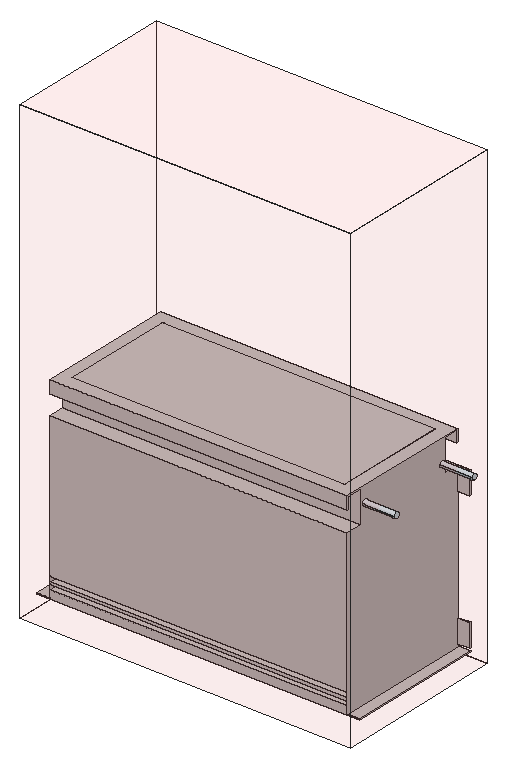
Revit family "Air-Curtain_Vestibule-Except_PoweredAire_ETA-HWST", category Mechanical Equipment, host Face, Revit 2025
Family settings
  Host = Face
  Round Connector Dimension = Use Diameter
  Part Type = Normal
  OmniClass Number = 23.75.35.17.21
  OmniClass Title = Air Curtains
  Cut with Voids When Loaded = No
  Maintain Annotation Orientation = No
  Shared = No
  Room Calculation Point = No
Parameters
  upperrotation [instance] = if(Upper Pipe Connection Side A, 0.00°, 180.00°)  # 0.00°
  lowerrotation [instance] = if(Lower Pipe Connection Side A, 0.00°, 180.00°)  # 0.00°
  locateupperpipe [instance] = if(Upper Pipe Connection Side A, 0' 0", Nozzle Width)  # 0' - 0"
  locatelowerpipe [instance] = if(Lower Pipe Connection Side A, 0' 0", Nozzle Width)  # 0' - 0"
  Warranty Duration (Years) = 0
  Upper Pipe Connection Side A [instance] = yes
  Unit Width Notes = "Other Widths available."  # constant formula
  Unit Width = 3' - 3"
  Unit Weight = 0
  Unit Height = 1' - 4 3/4"
  Unit Depth [instance] = if(Include Filters, 2' 1 7/8", 1' 11 3/4")  # 1' - 11 3/4"
  URL = "http://www.poweredaire.com/"
  Test Data = ""
  Standards Conformance = "as Specified"
  Specification = "http://www.arcat.com/sdspecs/htm04/23_34_33pai.htm"
  SpecWizard = ""
  Sound Pressure = "as Specified"
  Sales Information = "http://www.poweredaire.com/contact_us"
  Revision = "R1_2016-08"
  Projection from Host [instance] = 0' - 2"
  Product Properties = ""
  Product Data = "http://www.arcat.com/arcatcos/cos47/arc47623.html"
  Power Rating = 0 W
  Piping_Water Flow [instance] = 0 GPM
  Piping_Operating Pressure [instance] = 0.00 psi
  Piping_Exit Temperature [instance] = 0 °F
  Piping_Entry Temperature [instance] = 0 °F
  Pipe OD [instance] = 5/8"
  Nozzle Width = if(1 = 1, Unit Width - 0' 3", 0' 0")  # 3' - 0"
  Mounting Width = if(1 = 1, Unit Width - 0' 1 1/2", 0' 0")  # 3' - 1 1/2"
  Mounting Height [instance] = 3' - 6"
  Motor RPM = 0
  Motor HP = 0
  Motor Count = 0
  Model = "As Specified"
  Max Height = 0' - 0"
  Manufacturer Website = "http://www.poweredaire.com/"
  Manufacturer Phone - Toll Free = "888-321-2473"
  Manufacturer Phone = "724-588-3305"
  Manufacturer Fax = "724-588-3371"
  Manufacturer Address = "109 Mortensen Rd.  Greenville, PA 16125"
  Manufacturer = "Powered Aire, Inc"
  Maintenance Schedule (Months) = 0
  Lower Pipe Connection Side A [instance] = yes
  Keynote = "23 34 33"
  Installation-Fabrication = ""
  Installation Phase = ""
  Include Filters [instance] = no
  Include Clearance [instance] = yes
  Heating Element Load = 0 W
  HVAC_Temperature Rise = 0 °F
  HVAC_Outlet Volume = 0 CFM
  HVAC_Outlet Velocity Uniformity = 0
  HVAC_Outlet Velocity = 0 FPM
  HVAC_BTU Input = 0.0 Btu/h
  Green Building-LEED = "http://www.arcat.com/green/clients/leed_data_47623.html"
  Front Grating Material [instance] = Metal - Steel - PoweredAire - Stainless 304 Perforated
  Frame Finish [instance] = Metal - Steel - PoweredAire - Stainless 304
  Expected Lifespan (Years) = 0
  Electrical_Wattage [instance] = Power Rating + Heating Element Load  # 0 W
  Electrical_Voltage [instance] = 0 V
  Electrical_Phase [instance] = 1
  Electrical_Frequency [instance] = 0 Hz
  Electrical_Amperage [instance] = 0 A
  Drawn By = "Sumex Design, Inc. / Robert S. Weygant, CSI, CDT, SCIP"
  Description = "Powered Aire Air Curtain as Specified"
  Default Elevation = 0' - 0"  # constant formula
  Copyright = "©Arcat Inc."
  Construction Details = "http://www.arcat.com/details/powair/prod3336.html"
  Clearance_Top [instance] = 0' - 2"
  Clearance_Side B [instance] = 0' - 0 1/2"
  Clearance_Side A [instance] = 0' - 0 1/2"
  Clearance_Intake [instance] = 2' - 6"
  Clearance_Bottom [instance] = 0' - 2"
  Clearance Material [instance] = ARCAT Clearance
  Building Codes = ""
  Available Options [instance] = "as Specified"
  Assembly Code = "D3090400"
Reference planes (in)
  plane 1 "Center (Elevation)": y = 0.13818
  plane 2: z = 0
  plane 3 "Center (Left/Right)": x = 0
  plane 4: y = 8.51318
  plane 5: y = -8.23682
  plane 6: x = -19.5
  plane 7: x = 19.5
  plane 8: z = 25.75
  plane 9 "FF": y = -41.86182
  plane 10: z = 2
  plane 11: x = 18
  plane 12: x = -18
  plane 13: y = 10.51318
  plane 14: y = -10.23682
  plane 15: x = -20
  plane 16: x = 20
  plane 17: z = 55.75
  plane 18: x = 17.9375
  plane 19: x = -17.9375
  plane 20: x = 18
  plane 21: x = 18
  plane 22: y = 6.01318
  plane 23: y = -5.73682
Forms (in)
  Extrusion 1, solid, material "Metal - Steel - PoweredAire - Stainless 304" <- "Frame Finish"
    sketch origin (0, 0, 0) x (0, 1, 0) y (0, 0, 1)
      loop
        line (-8.23682, 2) -> (8.51318, 2) -> (8.51318, 21.8125) -> (6.51318, 21.8125) -> (6.51318, 25.625) -> (8.38818, 25.625) -> (8.38818, 24.25) -> (8.51318, 24.25) -> (8.51318, 25.75) -> (-8.23682, 25.75) -> (-8.23682, 24.25) -> (-8.11182, 24.25) -> (-8.11182, 25.625) -> (-6.23682, 25.625) -> (-6.23682, 21.8125) -> (-8.23682, 21.8125) -> (-8.23682, 2)
    from -18 to 18
  Extrusion 2, solid, material "ARCAT Clearance" <- "Clearance Material", visible <- "Include Clearance"
    sketch origin (0, 0, 0) x (0, 1, 0) y (0, 0, 1)
      loop
        line (-10.23682, 55.75) -> (-10.23682, 0) -> (10.51318, 0) -> (10.51318, 55.75) -> (-10.23682, 55.75)
    from -20 to 20
  Extrusion 3, solid, material "Metal - Steel - PoweredAire - Stainless 304" <- "Frame Finish"
    sketch origin (-15.17702, -180, 2) x (-1, 0, 0) y (0, -1, 0)
      loop
        line (-33.17702, -188.51318) -> (-33.17702, -171.76318) -> (-34.67702, -171.76318) -> (-34.67702, -188.51318) -> (-33.17702, -188.51318)
      loop
        line (2.82298, -188.51318) -> (4.32298, -188.51318) -> (4.32298, -171.76318) -> (2.82298, -171.76318) -> (2.82298, -188.51318)
    from 0 to 0.125
  Extrusion 4, solid, material "Metal - Steel - PoweredAire - Stainless 304" <- "Frame Finish"
    sketch origin (-11.83813, 8.51318, 48) x (-1, 0, 0) y (0, 0, 1)
      loop
        line (-29.83813, -45.5) -> (-29.83813, -42.75) -> (-31.33813, -42.75) -> (-31.33813, -45.5) -> (-29.83813, -45.5)
      loop
        line (-29.83813, -28.9375) -> (-29.83813, -26.1875) -> (-31.33813, -26.1875) -> (-31.33813, -28.9375) -> (-29.83813, -28.9375)
      loop
        line (6.16187, -45.5) -> (7.66187, -45.5) -> (7.66187, -42.75) -> (6.16187, -42.75) -> (6.16187, -45.5)
      loop
        line (6.16187, -28.9375) -> (7.66187, -28.9375) -> (7.66187, -26.1875) -> (6.16187, -26.1875) -> (6.16187, -28.9375)
    from 0 to -0.125
  Extrusion 5, void
    sketch origin (0, 0, 0) x (0, 1, 0) y (0, 0, 1)
      loop
        line (-8.23682, 3) -> (-7.23682, 3) -> (-7.23682, 4.5) -> (-8.23682, 4.5) -> (-8.23682, 3.82425) -> (-7.38364, 3.82425) -> (-7.38364, 3.57425) -> (-8.23682, 3.57425) -> (-8.23682, 3)
    from -17.9375 to 17.9375
  Extrusion 6, solid, material "Metal - Steel - PoweredAire - Stainless 304 Perforated" <- "Front Grating Material"
    sketch origin (0, -8.23682, 25.75) x (0, 1, 0) y (-1, 0, 0)
      loop
        line (15.25, 16.5) -> (1.5, 16.5) -> (1.5, -16.5) -> (15.25, -16.5) -> (15.25, 16.5)
    from 0 to 0.03125
  Sweep 7, solid
    path origin (18, 6.01318, 0) x (1, 0, 0) y (0, 1, 0)
      loop
        line (0, 0) -> (4, 0)
    profile origin (20, 6.01318, 0) x (0, 1, 0) y (0, 0, 1)
      loop
        circle (0, 23) r 0.3125
  Sweep 8, solid
    path origin (18, -5.73682, 0) x (1, 0, 0) y (0, 1, 0)
      loop
        line (0, 0) -> (4, 0)
    profile origin (20, -5.73682, 0) x (0, 1, 0) y (0, 0, 1)
      loop
        circle (0, 24) r 0.3125
Cuts and joins
  Extrusion 5 cuts Extrusion 1
Lines and regions (in)
  reference lines
    curve 1: line (18, 6.01318, 0) -> (22.75, 6.01318, 0)
    curve 2: line (18, -5.73682, 0) -> (23.75, -5.73682, 0)
Dimensions and locks (in)
  equal spacing: plane 4, plane 1 "Center (Elevation)", plane 5
  "Unit Height": plane 4 to plane 5
  equal spacing: plane 6, plane 3 "Center (Left/Right)", plane 7
  "Unit Width": plane 6 to plane 7
  "Mounting Height": plane 1 "Center (Elevation)" to plane 9 "FF"
  "Projection from Host": plane 10 to level
  "Unit Depth": plane 8 to plane 10
  locked: plane 6 to plane 12 at 1.5
  locked: plane 11 to plane 7 at 1.5
  "Clearance_Side A": plane 7 to plane 16
  "Clearance_Side B": plane 15 to plane 6
  "Clearance_Top": plane 13 to plane 4
  "Clearance_Bottom": plane 5 to plane 14
  "Clearance_Intake": plane 17 to plane 8
  plane 5 to Extrusion 1 sketch curve to Extrusion 1 sketch curve = 0' - 0 1/8" locked, 0' - 1 7/8" locked
  Extrusion 1 sketch curve to Extrusion 1 sketch curve to plane 4 = 0' - 1 7/8" locked, 0' - 0 1/8" locked
  Extrusion 4 sketch curve to Extrusion 4 sketch curve to Extrusion 4 sketch curve to Extrusion 4 sketch curve to plane 10 = 0' - 2 3/4" locked, 1' - 1 13/16" locked, 0' - 2 3/4" locked, 0' - 0 1/2" locked
  Extrusion 4 sketch curve to Extrusion 4 sketch curve to Extrusion 4 sketch curve to Extrusion 4 sketch curve = 0' - 2 3/4" locked, 1' - 1 13/16" locked, 0' - 2 3/4" locked
  locked: Extrusion 4 sketch curve to plane 10 at 0.5
  plane 8 to Extrusion 1 sketch curve to Extrusion 1 sketch curve = 0' - 0 1/8" locked, 0' - 1 3/8" locked  (x2)
  locked: Extrusion 1 sketch curve to plane 10 at 19.8125  (x2)
  Extrusion 5 sketch curve to Extrusion 5 sketch curve to Extrusion 5 sketch curve to Extrusion 5 sketch curve to plane 10 = 0' - 0.67575" locked, 0' - 0 1/4" locked, 0' - 0.57425" locked, 0' - 1" locked
  plane 5 to Extrusion 5 sketch curve to Extrusion 5 sketch curve = 0' - 0.85319" locked, 0' - 0.14681" locked
  locked: plane 19 to plane 12 at 0.0625
  locked: plane 11 to plane 18 at 0.0625
  locked: plane 4 to Extrusion 6 sketch curve at 1.5
  locked: Extrusion 6 sketch curve to plane 5 at 1.5
  locked: Extrusion 6 sketch curve to plane 11 at 1.5
  locked: plane 12 to Extrusion 6 sketch curve at 1.5
  "locateupperpipe": plane 20 to plane 11
  "locatelowerpipe": plane 21 to plane 11
  locked: plane 4 to plane 22 at 2.5
  locked: plane 23 to plane 5 at 2.5
  locked: curve 1 to Sweep 7 sketch curve at 4
  locked: curve 1 to Sweep 7 sketch curve
  locked: Sweep 7 sketch curve to plane 10 at 21
  locked: curve 2 to Sweep 8 sketch curve at 4
  locked: curve 2 to Sweep 8 sketch curve
  locked: Sweep 8 sketch curve to plane 10 at 22
  "upperrotation": angle plane 22 to curve 1
  "lowerrotation": angle plane 23 to curve 2
  aligned and locked: plane 2 to host face
  aligned and locked: level to host face
  aligned and locked: Extrusion 2 sketch curve to plane 17
  aligned and locked: plane 14 to Extrusion 2 sketch curve
  aligned and locked: level to Extrusion 2 sketch curve
  aligned and locked: Extrusion 2 sketch curve to plane 13
  aligned and locked: plane 16 to Extrusion 2
  aligned and locked: Extrusion 2 to plane 15
  aligned and locked: plane 11 to Extrusion 1
  aligned and locked: Extrusion 1 to plane 12
  aligned and locked: plane 21 to curve 2
  aligned and locked: plane 23 to curve 2
  aligned and locked: plane 22 to curve 1
  aligned and locked: plane 20 to curve 1
Automatic sketch dimensions
  host sketch curve to host sketch curve = 8' - 0"  (x2)
  Extrusion 1 sketch curve to plane 5 = 0' - 0"  (x2)
  Extrusion 1 sketch curve to plane 4 = 0' - 0"  (x2)
  Extrusion 1 sketch curve to plane 10 = 0' - 0"
  Extrusion 1 sketch curve to plane 8 = 0' - 0"
  plane 4 to Extrusion 3 sketch curve = 0' - 0"
  Extrusion 3 sketch curve to plane 7 = 0' - 0"
  plane 5 to Extrusion 3 sketch curve = 0' - 0"
  Extrusion 3 sketch curve to plane 11 = 0' - 0"
  Extrusion 3 sketch curve to plane 4 = 0' - 0"
  Extrusion 3 sketch curve to plane 12 = 0' - 0"
  Extrusion 3 sketch curve to plane 6 = 0' - 0"
  Extrusion 3 sketch curve to plane 5 = 0' - 0"
  Extrusion 4 sketch curve to plane 7 = 0' - 0"  (x2)
  Extrusion 4 sketch curve to plane 11 = 0' - 0"  (x2)
  Extrusion 4 sketch curve to plane 12 = 0' - 0"  (x2)
  Extrusion 4 sketch curve to plane 6 = 0' - 0"  (x2)
  Extrusion 5 sketch curve to plane 5 = 0' - 0"  (x2)
  Sweep 7 sketch curve to profile plane = 0' - 0"
  Sweep 8 sketch curve to profile plane = 0' - 0"
  radius of Sweep 7 sketch curve = 0' - 0 5/16"
  radius of Sweep 8 sketch curve = 0' - 0 5/16"
Connectors (in)
  piping at (22, 6.01318, 23), diameter 0.625, driven by "Pipe OD", driven by "Piping_Water Flow"
    settings: on Sweep 7, index 1, connector inside diameter 24", connector length 0' - 0", flow factor 0, pipe flow 0 GPM, pressure drop 0.00 psi, fitting loss kfactor 0, connector angle 0.00°, fixture units 0, engagement length 0' - 0", angle of deflection 0.00°, flow configuration 0, flow direction 0, fitting loss method 0, system type 29, joint type 0, gender type 0, connector reference index -1, connector utility 0, adjustable connector no, is connector primary yes, connector description "Define Supply or Return and Location"
  piping at (22, -5.73682, 24), diameter 0.625, driven by "Pipe OD", driven by "Piping_Water Flow"
    settings: on Sweep 8, index 2, connector inside diameter 24", connector length 0' - 0", flow factor 0, pipe flow 0 GPM, pressure drop 0.00 psi, fitting loss kfactor 0, connector angle 0.00°, fixture units 0, engagement length 0' - 0", angle of deflection 0.00°, flow configuration 0, flow direction 0, fitting loss method 0, system type 29, joint type 0, gender type 0, connector reference index -1, connector utility 0, adjustable connector no, is connector primary no, connector description "Define Supply or Return and Location"
  electrical at (-18, 0.13818, 21.39062), driven by "Electrical_Voltage", driven by "Electrical_Phase"
    settings: on cut or joined group of Extrusion 1, Extrusion 5, index 3, voltage 0 V, apparent load 0 VA, apparent load phase1 0 VA, apparent load phase2 0 VA, apparent load phase3 0 VA, power factor 1, load classification "Motor", number of poles 1, system type 31, power factor state 1, is connector primary yes, connector utility no, sub classification motor no, connector description ""
